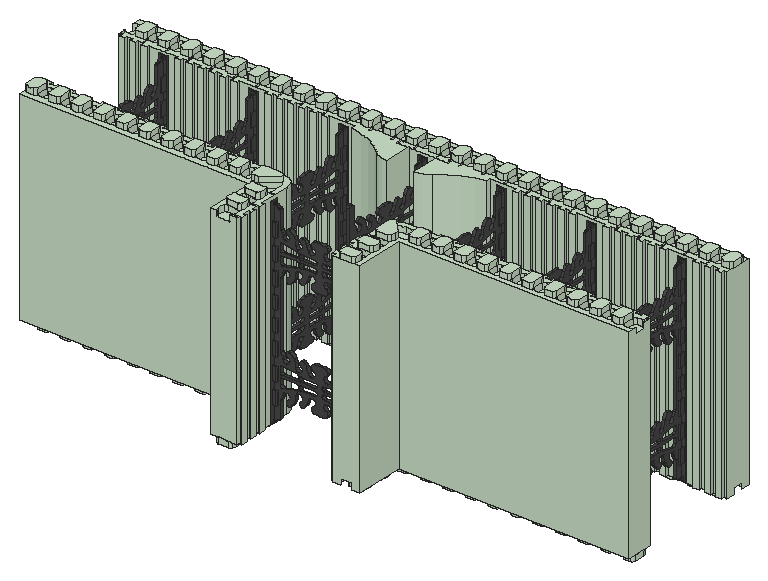
Revit family "ICF- NUDURA 8-inch- Short T Form Unit- Imperial", category Generic Models, Revit 2011 (continued)
Definition of nested family "NUDURA Diamond Pattern Missing Two Lines"
  Lines and regions (in)
    model lines
      curve 41: arc (3.44206, -5.625, 14.42678) -> (3.36884, -5.625, 14.25) -> (3.44206, -5.625, 14.07322) r 0.25
      curve 42: line (3.44206, -5.625, 14.07322) -> (3.81706, -5.625, 13.69822)
      curve 43: arc (3.81706, -5.625, 13.69822) -> (3.99384, -5.625, 13.625) -> (4.17062, -5.625, 13.69822) r 0.25
      curve 44: line (4.17062, -5.625, 13.69822) -> (4.54562, -5.625, 14.07322)
      curve 45: arc (4.54562, -5.625, 14.07322) -> (4.61884, -5.625, 14.25) -> (4.54562, -5.625, 14.42678) r 0.25
      curve 46: line (4.54562, -5.625, 14.42678) -> (4.17062, -5.625, 14.80178)
      curve 47: arc (3.69709, -5.625, 13.35858) -> (3.75567, -5.625, 13.5) -> (3.69709, -5.625, 13.64142) r 0.2
      curve 48: line (4.634, -5.625, 13.01517) -> (4.29059, -5.625, 13.35858)
      curve 49: arc (4.634, -5.625, 12.48484) -> (4.74384, -5.625, 12.75) -> (4.634, -5.625, 13.01517) r 0.375
      curve 50: line (4.29059, -5.625, 12.14142) -> (4.634, -5.625, 12.48484)
      curve 51: line (3.35367, -5.625, 12.48484) -> (3.69709, -5.625, 12.14142)
      curve 52: arc (3.35367, -5.625, 13.01517) -> (3.24384, -5.625, 12.75) -> (3.35367, -5.625, 12.48484) r 0.375
      curve 53: line (3.69709, -5.625, 13.35858) -> (3.35367, -5.625, 13.01517)
      curve 54: arc (4.17062, -5.625, 13.30178) -> (3.99384, -5.625, 13.375) -> (3.81706, -5.625, 13.30178) r 0.25
      curve 55: line (3.81706, -5.625, 13.30178) -> (3.44206, -5.625, 12.92678)
      curve 56: arc (3.44206, -5.625, 12.92678) -> (3.36884, -5.625, 12.75) -> (3.44206, -5.625, 12.57322) r 0.25
      curve 57: line (3.44206, -5.625, 12.57322) -> (3.81706, -5.625, 12.19822)
      curve 58: arc (3.81706, -5.625, 12.19822) -> (3.99384, -5.625, 12.125) -> (4.17062, -5.625, 12.19822) r 0.25
      curve 59: line (4.17062, -5.625, 12.19822) -> (4.54562, -5.625, 12.57322)
      curve 60: arc (4.54562, -5.625, 12.57322) -> (4.61884, -5.625, 12.75) -> (4.54562, -5.625, 12.92678) r 0.25
      curve 61: line (4.54562, -5.625, 12.92678) -> (4.17062, -5.625, 13.30178)
      curve 62: arc (3.69709, -5.625, 11.85858) -> (3.75567, -5.625, 12) -> (3.69709, -5.625, 12.14142) r 0.2
      curve 63: line (4.634, -5.625, 11.51517) -> (4.29059, -5.625, 11.85858)
      curve 64: arc (4.634, -5.625, 10.98484) -> (4.74384, -5.625, 11.25) -> (4.634, -5.625, 11.51517) r 0.375
      curve 65: line (4.29059, -5.625, 10.64142) -> (4.634, -5.625, 10.98484)
      curve 66: line (3.35367, -5.625, 10.98484) -> (3.69709, -5.625, 10.64142)
      curve 67: arc (3.35367, -5.625, 11.51517) -> (3.24384, -5.625, 11.25) -> (3.35367, -5.625, 10.98484) r 0.375
      curve 68: line (3.69709, -5.625, 11.85858) -> (3.35367, -5.625, 11.51517)
      curve 69: arc (4.17062, -5.625, 11.80178) -> (3.99384, -5.625, 11.875) -> (3.81706, -5.625, 11.80178) r 0.25
      curve 70: line (3.81706, -5.625, 11.80178) -> (3.44206, -5.625, 11.42678)
      curve 71: arc (3.44206, -5.625, 11.42678) -> (3.36884, -5.625, 11.25) -> (3.44206, -5.625, 11.07322) r 0.25
      curve 72: line (3.44206, -5.625, 11.07322) -> (3.81706, -5.625, 10.69822)
      curve 73: arc (3.81706, -5.625, 10.69822) -> (3.99384, -5.625, 10.625) -> (4.17062, -5.625, 10.69822) r 0.25
      curve 74: line (4.17062, -5.625, 10.69822) -> (4.54562, -5.625, 11.07322)
      curve 75: arc (4.54562, -5.625, 11.07322) -> (4.61884, -5.625, 11.25) -> (4.54562, -5.625, 11.42678) r 0.25
      curve 76: line (4.54562, -5.625, 11.42678) -> (4.17062, -5.625, 11.80178)
      curve 77: arc (3.69709, -5.625, 10.35858) -> (3.75567, -5.625, 10.5) -> (3.69709, -5.625, 10.64142) r 0.2
      curve 78: line (4.634, -5.625, 10.01517) -> (4.29059, -5.625, 10.35858)
      curve 79: arc (4.634, -5.625, 9.48484) -> (4.74384, -5.625, 9.75) -> (4.634, -5.625, 10.01517) r 0.375
      curve 80: line (4.29059, -5.625, 9.14142) -> (4.634, -5.625, 9.48484)
      curve 81: line (3.35367, -5.625, 9.48484) -> (3.69709, -5.625, 9.14142)
      curve 82: arc (3.35367, -5.625, 10.01517) -> (3.24384, -5.625, 9.75) -> (3.35367, -5.625, 9.48484) r 0.375
      curve 83: line (3.69709, -5.625, 10.35858) -> (3.35367, -5.625, 10.01517)
      curve 84: arc (4.17062, -5.625, 10.30178) -> (3.99384, -5.625, 10.375) -> (3.81706, -5.625, 10.30178) r 0.25
      curve 85: line (3.81706, -5.625, 10.30178) -> (3.44206, -5.625, 9.92678)
      curve 86: arc (3.44206, -5.625, 9.92678) -> (3.36884, -5.625, 9.75) -> (3.44206, -5.625, 9.57322) r 0.25
      curve 87: line (3.44206, -5.625, 9.57322) -> (3.81706, -5.625, 9.19822)
      curve 88: arc (3.81706, -5.625, 9.19822) -> (3.99384, -5.625, 9.125) -> (4.17062, -5.625, 9.19822) r 0.25
      curve 89: line (4.17062, -5.625, 9.19822) -> (4.54562, -5.625, 9.57322)
      curve 90: arc (4.54562, -5.625, 9.57322) -> (4.61884, -5.625, 9.75) -> (4.54562, -5.625, 9.92678) r 0.25
      curve 91: line (4.54562, -5.625, 9.92678) -> (4.17062, -5.625, 10.30178)
      curve 92: arc (3.69709, -5.625, 8.85858) -> (3.75567, -5.625, 9) -> (3.69709, -5.625, 9.14142) r 0.2
      curve 93: line (4.634, -5.625, 8.51517) -> (4.29059, -5.625, 8.85858)
      curve 94: arc (4.634, -5.625, 7.98484) -> (4.74384, -5.625, 8.25) -> (4.634, -5.625, 8.51517) r 0.375
      curve 95: line (4.29059, -5.625, 7.64142) -> (4.634, -5.625, 7.98484)
      curve 96: line (3.35367, -5.625, 7.98484) -> (3.69709, -5.625, 7.64142)
      curve 97: arc (3.35367, -5.625, 8.51517) -> (3.24384, -5.625, 8.25) -> (3.35367, -5.625, 7.98484) r 0.375
      curve 98: line (3.69709, -5.625, 8.85858) -> (3.35367, -5.625, 8.51517)
      curve 99: arc (4.17062, -5.625, 8.80178) -> (3.99384, -5.625, 8.875) -> (3.81706, -5.625, 8.80178) r 0.25
      curve 100: line (3.81706, -5.625, 8.80178) -> (3.44206, -5.625, 8.42678)
      curve 101: arc (3.44206, -5.625, 8.42678) -> (3.36884, -5.625, 8.25) -> (3.44206, -5.625, 8.07322) r 0.25
      curve 102: line (3.44206, -5.625, 8.07322) -> (3.81706, -5.625, 7.69822)
      curve 103: arc (3.81706, -5.625, 7.69822) -> (3.99384, -5.625, 7.625) -> (4.17062, -5.625, 7.69822) r 0.25
      curve 104: line (4.17062, -5.625, 7.69822) -> (4.54562, -5.625, 8.07322)
      curve 105: arc (4.54562, -5.625, 8.07322) -> (4.61884, -5.625, 8.25) -> (4.54562, -5.625, 8.42678) r 0.25
      curve 106: line (4.54562, -5.625, 8.42678) -> (4.17062, -5.625, 8.80178)
      curve 107: arc (3.69709, -5.625, 7.35858) -> (3.75567, -5.625, 7.5) -> (3.69709, -5.625, 7.64142) r 0.2
      curve 108: line (4.634, -5.625, 7.01517) -> (4.29059, -5.625, 7.35858)
      curve 109: arc (4.634, -5.625, 6.48484) -> (4.74384, -5.625, 6.75) -> (4.634, -5.625, 7.01517) r 0.375
      curve 110: line (4.29059, -5.625, 6.14142) -> (4.634, -5.625, 6.48484)
      curve 111: line (3.35367, -5.625, 6.48484) -> (3.69709, -5.625, 6.14142)
      curve 112: arc (3.35367, -5.625, 7.01517) -> (3.24384, -5.625, 6.75) -> (3.35367, -5.625, 6.48484) r 0.375
      curve 113: line (3.69709, -5.625, 7.35858) -> (3.35367, -5.625, 7.01517)
      curve 114: arc (4.17062, -5.625, 7.30178) -> (3.99384, -5.625, 7.375) -> (3.81706, -5.625, 7.30178) r 0.25
      curve 115: line (3.81706, -5.625, 7.30178) -> (3.44206, -5.625, 6.92678)
      curve 116: arc (3.44206, -5.625, 6.92678) -> (3.36884, -5.625, 6.75) -> (3.44206, -5.625, 6.57322) r 0.25
      curve 117: line (3.44206, -5.625, 6.57322) -> (3.81706, -5.625, 6.19822)
      curve 118: arc (3.81706, -5.625, 6.19822) -> (3.99384, -5.625, 6.125) -> (4.17062, -5.625, 6.19822) r 0.25
      curve 119: line (4.17062, -5.625, 6.19822) -> (4.54562, -5.625, 6.57322)
      curve 120: arc (4.54562, -5.625, 6.57322) -> (4.61884, -5.625, 6.75) -> (4.54562, -5.625, 6.92678) r 0.25
      curve 121: line (4.54562, -5.625, 6.92678) -> (4.17062, -5.625, 7.30178)
      curve 122: arc (3.69709, -5.625, 5.85858) -> (3.75567, -5.625, 6) -> (3.69709, -5.625, 6.14142) r 0.2
      curve 123: line (4.634, -5.625, 5.51517) -> (4.29059, -5.625, 5.85858)
      curve 124: arc (4.634, -5.625, 4.98484) -> (4.74384, -5.625, 5.25) -> (4.634, -5.625, 5.51517) r 0.375
      curve 125: line (4.29059, -5.625, 4.64142) -> (4.634, -5.625, 4.98484)
      curve 126: line (3.35367, -5.625, 4.98484) -> (3.69709, -5.625, 4.64142)
      curve 127: arc (3.35367, -5.625, 5.51517) -> (3.24384, -5.625, 5.25) -> (3.35367, -5.625, 4.98484) r 0.375
      curve 128: line (3.69709, -5.625, 5.85858) -> (3.35367, -5.625, 5.51517)
      curve 129: arc (4.17062, -5.625, 5.80178) -> (3.99384, -5.625, 5.875) -> (3.81706, -5.625, 5.80178) r 0.25
      curve 130: line (3.81706, -5.625, 5.80178) -> (3.44206, -5.625, 5.42678)
      curve 131: arc (3.44206, -5.625, 5.42678) -> (3.36884, -5.625, 5.25) -> (3.44206, -5.625, 5.07322) r 0.25
      curve 132: line (3.44206, -5.625, 5.07322) -> (3.81706, -5.625, 4.69822)
      curve 133: arc (3.81706, -5.625, 4.69822) -> (3.99384, -5.625, 4.625) -> (4.17062, -5.625, 4.69822) r 0.25
      curve 134: line (4.17062, -5.625, 4.69822) -> (4.54562, -5.625, 5.07322)
      curve 135: arc (4.54562, -5.625, 5.07322) -> (4.61884, -5.625, 5.25) -> (4.54562, -5.625, 5.42678) r 0.25
      curve 136: line (4.54562, -5.625, 5.42678) -> (4.17062, -5.625, 5.80178)
      curve 137: arc (3.69709, -5.625, 4.35858) -> (3.75567, -5.625, 4.5) -> (3.69709, -5.625, 4.64142) r 0.2
      curve 138: line (4.634, -5.625, 4.01517) -> (4.29059, -5.625, 4.35858)
      curve 139: arc (4.634, -5.625, 3.48484) -> (4.74384, -5.625, 3.75) -> (4.634, -5.625, 4.01517) r 0.375
      curve 140: line (4.29059, -5.625, 3.14142) -> (4.634, -5.625, 3.48484)
      curve 141: line (3.35367, -5.625, 3.48484) -> (3.69709, -5.625, 3.14142)
      curve 142: arc (3.35367, -5.625, 4.01517) -> (3.24384, -5.625, 3.75) -> (3.35367, -5.625, 3.48484) r 0.375
      curve 143: line (3.69709, -5.625, 4.35858) -> (3.35367, -5.625, 4.01517)
      curve 144: arc (4.17062, -5.625, 4.30178) -> (3.99384, -5.625, 4.375) -> (3.81706, -5.625, 4.30178) r 0.25
      curve 145: line (3.81706, -5.625, 4.30178) -> (3.44206, -5.625, 3.92678)
      curve 146: arc (3.44206, -5.625, 3.92678) -> (3.36884, -5.625, 3.75) -> (3.44206, -5.625, 3.57322) r 0.25
      curve 147: line (3.44206, -5.625, 3.57322) -> (3.81706, -5.625, 3.19822)
      curve 148: arc (3.81706, -5.625, 3.19822) -> (3.99384, -5.625, 3.125) -> (4.17062, -5.625, 3.19822) r 0.25
      curve 149: line (4.17062, -5.625, 3.19822) -> (4.54562, -5.625, 3.57322)
      curve 150: arc (4.54562, -5.625, 3.57322) -> (4.61884, -5.625, 3.75) -> (4.54562, -5.625, 3.92678) r 0.25
      curve 151: line (4.54562, -5.625, 3.92678) -> (4.17062, -5.625, 4.30178)
      curve 152: arc (3.69709, -5.625, 2.85858) -> (3.75567, -5.625, 3) -> (3.69709, -5.625, 3.14142) r 0.2
      curve 153: line (4.634, -5.625, 2.51517) -> (4.29059, -5.625, 2.85858)
      curve 154: arc (4.634, -5.625, 1.98484) -> (4.74384, -5.625, 2.25) -> (4.634, -5.625, 2.51517) r 0.375
      curve 155: line (4.29059, -5.625, 1.64142) -> (4.634, -5.625, 1.98484)
      curve 156: line (3.35367, -5.625, 1.98484) -> (3.69709, -5.625, 1.64142)
      curve 157: arc (3.35367, -5.625, 2.51517) -> (3.24384, -5.625, 2.25) -> (3.35367, -5.625, 1.98484) r 0.375
      curve 158: line (3.69709, -5.625, 2.85858) -> (3.35367, -5.625, 2.51517)
      curve 159: arc (4.17062, -5.625, 2.80178) -> (3.99384, -5.625, 2.875) -> (3.81706, -5.625, 2.80178) r 0.25
      curve 160: line (3.81706, -5.625, 2.80178) -> (3.44206, -5.625, 2.42678)
      curve 161: arc (3.44206, -5.625, 2.42678) -> (3.36884, -5.625, 2.25) -> (3.44206, -5.625, 2.07322) r 0.25
      curve 162: line (3.44206, -5.625, 2.07322) -> (3.81706, -5.625, 1.69822)
      curve 163: arc (3.81706, -5.625, 1.69822) -> (3.99384, -5.625, 1.625) -> (4.17062, -5.625, 1.69822) r 0.25
      curve 164: line (4.17062, -5.625, 1.69822) -> (4.54562, -5.625, 2.07322)
      curve 165: arc (4.54562, -5.625, 2.07322) -> (4.61884, -5.625, 2.25) -> (4.54562, -5.625, 2.42678) r 0.25
      curve 166: line (4.54562, -5.625, 2.42678) -> (4.17062, -5.625, 2.80178)
      curve 167: arc (3.69709, -5.625, 1.35858) -> (3.75567, -5.625, 1.5) -> (3.69709, -5.625, 1.64142) r 0.2
      curve 168: line (3.69709, -5.625, 1.35858) -> (3.35367, -5.625, 1.01517)
      curve 169: arc (3.35367, -5.625, 1.01517) -> (3.24384, -5.625, 0.75) -> (3.35367, -5.625, 0.48484) r 0.375
      curve 170: line (3.35367, -5.625, 0.48484) -> (3.72867, -5.625, 0.10984)
      curve 171: arc (3.72867, -5.625, 0.10984) -> (3.99384, -5.625, 0) -> (4.259, -5.625, 0.10984) r 0.375
      curve 172: line (4.259, -5.625, 0.10984) -> (4.634, -5.625, 0.48484)
      curve 173: arc (4.634, -5.625, 0.48484) -> (4.74384, -5.625, 0.75) -> (4.634, -5.625, 1.01517) r 0.375
      curve 174: line (4.634, -5.625, 1.01517) -> (4.29059, -5.625, 1.35858)
      curve 175: arc (4.29059, -5.625, 1.64142) -> (4.23201, -5.625, 1.5) -> (4.29059, -5.625, 1.35858) r 0.2
      curve 176: arc (4.17062, -5.625, 1.30178) -> (3.99384, -5.625, 1.375) -> (3.81706, -5.625, 1.30178) r 0.25
      curve 177: line (4.54562, -5.625, 0.92678) -> (4.17062, -5.625, 1.30178)
      curve 178: arc (4.54562, -5.625, 0.57322) -> (4.61884, -5.625, 0.75) -> (4.54562, -5.625, 0.92678) r 0.25
      curve 179: line (4.17062, -5.625, 0.19822) -> (4.54562, -5.625, 0.57322)
      curve 180: arc (3.81706, -5.625, 0.19822) -> (3.99384, -5.625, 0.125) -> (4.17062, -5.625, 0.19822) r 0.25
      curve 181: line (3.44206, -5.625, 0.57322) -> (3.81706, -5.625, 0.19822)
      curve 182: arc (3.44206, -5.625, 0.92678) -> (3.36884, -5.625, 0.75) -> (3.44206, -5.625, 0.57322) r 0.25
      curve 183: line (3.81706, -5.625, 1.30178) -> (3.44206, -5.625, 0.92678)
      curve 184: arc (4.29059, -5.625, 3.14142) -> (4.23201, -5.625, 3) -> (4.29059, -5.625, 2.85858) r 0.2
      curve 185: arc (4.29059, -5.625, 4.64142) -> (4.23201, -5.625, 4.5) -> (4.29059, -5.625, 4.35858) r 0.2
      curve 186: arc (4.29059, -5.625, 6.14142) -> (4.23201, -5.625, 6) -> (4.29059, -5.625, 5.85858) r 0.2
      curve 187: arc (4.29059, -5.625, 7.64142) -> (4.23201, -5.625, 7.5) -> (4.29059, -5.625, 7.35858) r 0.2
      curve 188: arc (4.29059, -5.625, 9.14142) -> (4.23201, -5.625, 9) -> (4.29059, -5.625, 8.85858) r 0.2
      curve 189: arc (4.29059, -5.625, 10.64142) -> (4.23201, -5.625, 10.5) -> (4.29059, -5.625, 10.35858) r 0.2
      curve 190: arc (4.29059, -5.625, 12.14142) -> (4.23201, -5.625, 12) -> (4.29059, -5.625, 11.85858) r 0.2
      curve 191: arc (4.29059, -5.625, 13.64142) -> (4.23201, -5.625, 13.5) -> (4.29059, -5.625, 13.35858) r 0.2
      curve 192: arc (4.29059, -5.625, 15.14142) -> (4.23201, -5.625, 15) -> (4.29059, -5.625, 14.85858) r 0.2
      curve 193: arc (4.29059, -5.625, 16.64142) -> (4.23201, -5.625, 16.5) -> (4.29059, -5.625, 16.35858) r 0.2
Definition of nested family "NUDURA Logo Diamond"
  Reference planes (in)
    plane 1 "Center (Front/Back)": y = 0
    plane 2: z = 0
    plane 3 "Center (Left/Right)": x = 0
  Lines and regions (in)
    model lines
      curve 1: line (12.59848, 0, 17.50104) -> (12.24492, 0, 17.85459)
      curve 2: line (12.36113, 0, 16.76872) -> (12.59848, 0, 17.00607)
      curve 3: line (12.59848, 0, 16.00104) -> (12.36113, 0, 16.23839)
      curve 4: line (12.36113, 0, 15.26872) -> (12.59848, 0, 15.50607)
      curve 5: line (12.59848, 0, 14.50104) -> (12.36113, 0, 14.73839)
      curve 6: line (12.36113, 0, 13.76872) -> (12.59848, 0, 14.00607)
      curve 7: line (12.17421, 0, 13.28388) -> (12.71208, 0, 12.74602)
      curve 8: line (12.71208, 0, 12.74602) -> (12.78279, 0, 12.81673)
      curve 9: line (11.28279, 0, 12.74602) -> (11.82066, 0, 13.28388)
      curve 10: line (11.63374, 0, 13.23839) -> (11.21208, 0, 12.81673)
      curve 11: line (11.3964, 0, 14.00607) -> (11.63374, 0, 13.76872)
      curve 12: line (11.63374, 0, 14.73839) -> (11.3964, 0, 14.50104)
      curve 13: line (11.3964, 0, 15.50607) -> (11.63374, 0, 15.26872)
      curve 14: line (11.63374, 0, 16.23839) -> (11.3964, 0, 16.00104)
      curve 15: line (11.3964, 0, 17.00607) -> (11.63374, 0, 16.76872)
      curve 16: line (11.74995, 0, 17.85459) -> (11.3964, 0, 17.50104)
      curve 17: line (11.82066, 0, 17.78388) -> (11.46711, 0, 17.43033)
      curve 18: line (12.52777, 0, 17.43033) -> (12.17421, 0, 17.78388)
      curve 19: line (12.17421, 0, 16.72322) -> (12.52777, 0, 17.07678)
      curve 20: line (11.46711, 0, 17.07678) -> (11.82066, 0, 16.72322)
      curve 21: arc (11.3964, 0, 17.50104) -> (11.29388, 0, 17.25355) -> (11.3964, 0, 17.00607) r 0.35
      curve 22: arc (11.74995, 0, 17.85459) -> (11.99744, 0, 17.95711) -> (12.24492, 0, 17.85459) r 0.35
      curve 23: arc (11.46711, 0, 17.43033) -> (11.39388, 0, 17.25355) -> (11.46711, 0, 17.07678) r 0.25
      curve 24: arc (12.52777, 0, 17.43033) -> (12.60099, 0, 17.25355) -> (12.52777, 0, 17.07678) r 0.25
      curve 25: arc (12.17421, 0, 16.72322) -> (11.99744, 0, 16.65) -> (11.82066, 0, 16.72322) r 0.25
      curve 26: arc (11.82066, 0, 17.78388) -> (11.99744, 0, 17.85711) -> (12.17421, 0, 17.78388) r 0.25
      curve 27: arc (12.59848, 0, 17.50104) -> (12.70099, 0, 17.25355) -> (12.59848, 0, 17.00607) r 0.35
      curve 28: arc (11.63374, 0, 16.76872) -> (11.74358, 0, 16.50355) -> (11.63374, 0, 16.23839) r 0.375
      curve 29: arc (12.36113, 0, 16.76872) -> (12.2513, 0, 16.50355) -> (12.36113, 0, 16.23839) r 0.375
      curve 30: line (12.36113, 0, 15.26872) -> (12.59848, 0, 15.50607)
      curve 31: line (11.3964, 0, 15.50607) -> (11.63374, 0, 15.26872)
      curve 32: line (11.82066, 0, 16.28388) -> (11.46711, 0, 15.93033)
      curve 33: line (12.52777, 0, 15.93033) -> (12.17421, 0, 16.28388)
      curve 34: line (12.17421, 0, 15.22322) -> (12.52777, 0, 15.57678)
      curve 35: line (11.46711, 0, 15.57678) -> (11.82066, 0, 15.22322)
      curve 36: arc (11.3964, 0, 16.00104) -> (11.29388, 0, 15.75355) -> (11.3964, 0, 15.50607) r 0.35
      curve 37: arc (11.46711, 0, 15.93033) -> (11.39388, 0, 15.75355) -> (11.46711, 0, 15.57678) r 0.25
      curve 38: arc (12.52777, 0, 15.93033) -> (12.60099, 0, 15.75355) -> (12.52777, 0, 15.57678) r 0.25
      curve 39: arc (12.17421, 0, 15.22322) -> (11.99744, 0, 15.15) -> (11.82066, 0, 15.22322) r 0.25
      curve 40: arc (11.82066, 0, 16.28388) -> (11.99744, 0, 16.35711) -> (12.17421, 0, 16.28388) r 0.25
      curve 41: arc (12.59848, 0, 16.00104) -> (12.70099, 0, 15.75355) -> (12.59848, 0, 15.50607) r 0.35
      curve 42: line (11.63374, 0, 16.23839) -> (11.3964, 0, 16.00104)
      curve 43: line (12.59848, 0, 16.00104) -> (12.36113, 0, 16.23839)
      curve 44: arc (11.63374, 0, 15.26872) -> (11.74358, 0, 15.00355) -> (11.63374, 0, 14.73839) r 0.375
      curve 45: arc (12.36113, 0, 15.26872) -> (12.2513, 0, 15.00355) -> (12.36113, 0, 14.73839) r 0.375
      curve 46: line (12.36113, 0, 13.76872) -> (12.59848, 0, 14.00607)
      curve 47: line (11.3964, 0, 14.00607) -> (11.63374, 0, 13.76872)
      curve 48: line (11.82066, 0, 14.78388) -> (11.46711, 0, 14.43033)
      curve 49: line (12.52777, 0, 14.43033) -> (12.17421, 0, 14.78388)
      curve 50: line (12.17421, 0, 13.72322) -> (12.52777, 0, 14.07678)
      curve 51: line (11.46711, 0, 14.07678) -> (11.82066, 0, 13.72322)
      curve 52: arc (11.3964, 0, 14.50104) -> (11.29388, 0, 14.25355) -> (11.3964, 0, 14.00607) r 0.35
      curve 53: arc (11.46711, 0, 14.43033) -> (11.39388, 0, 14.25355) -> (11.46711, 0, 14.07678) r 0.25
      curve 54: arc (12.52777, 0, 14.43033) -> (12.60099, 0, 14.25355) -> (12.52777, 0, 14.07678) r 0.25
      curve 55: arc (12.17421, 0, 13.72322) -> (11.99744, 0, 13.65) -> (11.82066, 0, 13.72322) r 0.25
      curve 56: arc (11.82066, 0, 14.78388) -> (11.99744, 0, 14.85711) -> (12.17421, 0, 14.78388) r 0.25
      curve 57: arc (12.59848, 0, 14.50104) -> (12.70099, 0, 14.25355) -> (12.59848, 0, 14.00607) r 0.35
      curve 58: line (11.63374, 0, 14.73839) -> (11.3964, 0, 14.50104)
      curve 59: arc (11.63374, 0, 13.76872) -> (11.74358, 0, 13.50355) -> (11.63374, 0, 13.23839) r 0.375
      curve 60: arc (12.36113, 0, 13.76872) -> (12.2513, 0, 13.50355) -> (12.36113, 0, 13.23839) r 0.375
      curve 61: line (12.78279, 0, 12.81673) -> (12.36113, 0, 13.23839)
      curve 62: line (11.21208, 0, 12.81673) -> (11.28279, 0, 12.74602)
      curve 63: arc (11.82066, 0, 13.28388) -> (11.99744, 0, 13.35711) -> (12.17421, 0, 13.28388) r 0.25
      curve 64: line (12.59848, 0, 0.50607) -> (12.24492, 0, 0.15251)
      curve 65: line (12.36113, 0, 1.23839) -> (12.59848, 0, 1.00104)
      curve 66: line (12.59848, 0, 2.00607) -> (12.36113, 0, 1.76872)
      curve 67: line (12.36113, 0, 2.73839) -> (12.59848, 0, 2.50104)
      curve 68: line (12.59848, 0, 3.50607) -> (12.36113, 0, 3.26872)
      curve 69: line (12.36113, 0, 4.23839) -> (12.59848, 0, 4.00104)
      curve 70: line (12.17421, 0, 4.72322) -> (12.71208, 0, 5.26109)
      curve 71: line (12.71208, 0, 5.26109) -> (12.78279, 0, 5.19038)
      curve 72: line (11.28279, 0, 5.26109) -> (11.82066, 0, 4.72322)
      curve 73: line (11.63374, 0, 4.76872) -> (11.21208, 0, 5.19038)
      curve 74: line (11.3964, 0, 4.00104) -> (11.63374, 0, 4.23839)
      curve 75: line (11.63374, 0, 3.26872) -> (11.3964, 0, 3.50607)
      curve 76: line (11.3964, 0, 2.50104) -> (11.63374, 0, 2.73839)
      curve 77: line (11.63374, 0, 1.76872) -> (11.3964, 0, 2.00607)
      curve 78: line (11.3964, 0, 1.00104) -> (11.63374, 0, 1.23839)
      curve 79: line (11.74995, 0, 0.15251) -> (11.3964, 0, 0.50607)
      curve 80: line (11.82066, 0, 0.22322) -> (11.46711, 0, 0.57678)
      curve 81: line (12.52777, 0, 0.57678) -> (12.17421, 0, 0.22322)
      curve 82: line (12.17421, 0, 1.28388) -> (12.52777, 0, 0.93033)
      curve 83: line (11.46711, 0, 0.93033) -> (11.82066, 0, 1.28388)
      curve 84: arc (11.3964, 0, 0.50607) -> (11.29388, 0, 0.75355) -> (11.3964, 0, 1.00104) r 0.35
      curve 85: arc (11.74995, 0, 0.15251) -> (11.99744, 0, 0.05) -> (12.24492, 0, 0.15251) r 0.35
      curve 86: arc (11.46711, 0, 0.57678) -> (11.39388, 0, 0.75355) -> (11.46711, 0, 0.93033) r 0.25
      curve 87: arc (12.52777, 0, 0.57678) -> (12.60099, 0, 0.75355) -> (12.52777, 0, 0.93033) r 0.25
      curve 88: arc (12.17421, 0, 1.28388) -> (11.99744, 0, 1.35711) -> (11.82066, 0, 1.28388) r 0.25
      curve 89: arc (11.82066, 0, 0.22322) -> (11.99744, 0, 0.15) -> (12.17421, 0, 0.22322) r 0.25
      curve 90: arc (12.59848, 0, 0.50607) -> (12.70099, 0, 0.75355) -> (12.59848, 0, 1.00104) r 0.35
      curve 91: arc (11.63374, 0, 1.23839) -> (11.74358, 0, 1.50355) -> (11.63374, 0, 1.76872) r 0.375
      curve 92: arc (12.36113, 0, 1.23839) -> (12.2513, 0, 1.50355) -> (12.36113, 0, 1.76872) r 0.375
      curve 93: line (12.36113, 0, 2.73839) -> (12.59848, 0, 2.50104)
      curve 94: line (11.3964, 0, 2.50104) -> (11.63374, 0, 2.73839)
      curve 95: line (11.82066, 0, 1.72322) -> (11.46711, 0, 2.07678)
      curve 96: line (12.52777, 0, 2.07678) -> (12.17421, 0, 1.72322)
      curve 97: line (12.17421, 0, 2.78388) -> (12.52777, 0, 2.43033)
      curve 98: line (11.46711, 0, 2.43033) -> (11.82066, 0, 2.78388)
      curve 99: arc (11.3964, 0, 2.00607) -> (11.29388, 0, 2.25355) -> (11.3964, 0, 2.50104) r 0.35
      curve 100: arc (11.46711, 0, 2.07678) -> (11.39388, 0, 2.25355) -> (11.46711, 0, 2.43033) r 0.25
      curve 101: arc (12.52777, 0, 2.07678) -> (12.60099, 0, 2.25355) -> (12.52777, 0, 2.43033) r 0.25
      curve 102: arc (12.17421, 0, 2.78388) -> (11.99744, 0, 2.85711) -> (11.82066, 0, 2.78388) r 0.25
      curve 103: arc (11.82066, 0, 1.72322) -> (11.99744, 0, 1.65) -> (12.17421, 0, 1.72322) r 0.25
      curve 104: arc (12.59848, 0, 2.00607) -> (12.70099, 0, 2.25355) -> (12.59848, 0, 2.50104) r 0.35
      curve 105: line (11.63374, 0, 1.76872) -> (11.3964, 0, 2.00607)
      curve 106: line (12.59848, 0, 2.00607) -> (12.36113, 0, 1.76872)
      curve 107: arc (11.63374, 0, 2.73839) -> (11.74358, 0, 3.00355) -> (11.63374, 0, 3.26872) r 0.375
      curve 108: arc (12.36113, 0, 2.73839) -> (12.2513, 0, 3.00355) -> (12.36113, 0, 3.26872) r 0.375
      curve 109: line (12.36113, 0, 4.23839) -> (12.59848, 0, 4.00104)
      curve 110: line (11.3964, 0, 4.00104) -> (11.63374, 0, 4.23839)
      curve 111: line (11.82066, 0, 3.22322) -> (11.46711, 0, 3.57678)
      curve 112: line (12.52777, 0, 3.57678) -> (12.17421, 0, 3.22322)
      curve 113: line (12.17421, 0, 4.28388) -> (12.52777, 0, 3.93033)
      curve 114: line (11.46711, 0, 3.93033) -> (11.82066, 0, 4.28388)
      curve 115: arc (11.3964, 0, 3.50607) -> (11.29388, 0, 3.75355) -> (11.3964, 0, 4.00104) r 0.35
      curve 116: arc (11.46711, 0, 3.57678) -> (11.39388, 0, 3.75355) -> (11.46711, 0, 3.93033) r 0.25
      curve 117: arc (12.52777, 0, 3.57678) -> (12.60099, 0, 3.75355) -> (12.52777, 0, 3.93033) r 0.25
      curve 118: arc (12.17421, 0, 4.28388) -> (11.99744, 0, 4.35711) -> (11.82066, 0, 4.28388) r 0.25
      curve 119: arc (11.82066, 0, 3.22322) -> (11.99744, 0, 3.15) -> (12.17421, 0, 3.22322) r 0.25
      curve 120: arc (12.59848, 0, 3.50607) -> (12.70099, 0, 3.75355) -> (12.59848, 0, 4.00104) r 0.35
      curve 121: line (11.63374, 0, 3.26872) -> (11.3964, 0, 3.50607)
      curve 122: arc (11.63374, 0, 4.23839) -> (11.74358, 0, 4.50355) -> (11.63374, 0, 4.76872) r 0.375
      curve 123: arc (12.36113, 0, 4.23839) -> (12.2513, 0, 4.50355) -> (12.36113, 0, 4.76872) r 0.375
      curve 124: line (12.78279, 0, 5.19038) -> (12.36113, 0, 4.76872)
      curve 125: line (11.21208, 0, 5.19038) -> (11.28279, 0, 5.26109)
      curve 126: arc (11.82066, 0, 4.72322) -> (11.99744, 0, 4.65) -> (12.17421, 0, 4.72322) r 0.25
      curve 127: line (12.37244, 0, 12.50355) -> (11.62244, 0, 12.50355)
      curve 128: line (12.74744, 0, 5.87855) -> (12.74744, 0, 12.12855)
      curve 129: line (11.24744, 0, 12.12855) -> (11.24744, 0, 5.87855)
      curve 130: line (11.62244, 0, 5.50355) -> (12.37244, 0, 5.50355)
      curve 131: line (12.47232, 0, 12.00355) -> (12.0393, 0, 12.25355)
      curve 132: line (12.47232, 0, 11.50355) -> (12.47232, 0, 12.00355)
      curve 133: line (12.25581, 0, 11.37855) -> (12.47232, 0, 11.50355)
      curve 134: line (12.02256, 0, 11.51322) -> (12.25581, 0, 11.37855)
      curve 135: line (12.22232, 0, 11.62855) -> (12.02256, 0, 11.51322)
      curve 136: line (11.80605, 0, 12.11888) -> (12.22232, 0, 11.87855)
      curve 137: line (12.22232, 0, 11.87855) -> (12.22232, 0, 11.62855)
      curve 138: line (12.0393, 0, 12.25355) -> (11.80605, 0, 12.11888)
      curve 139: line (11.77256, 0, 11.63822) -> (11.97232, 0, 11.75355)
      curve 140: line (11.97232, 0, 11.75355) -> (11.73906, 0, 11.88822)
      curve 141: line (11.73906, 0, 11.88822) -> (11.52256, 0, 11.76322)
      curve 142: line (11.52256, 0, 11.76322) -> (11.52256, 0, 11.26322)
      curve 143: line (11.77256, 0, 11.38822) -> (11.77256, 0, 11.63822)
      curve 144: line (12.18882, 0, 11.14789) -> (11.77256, 0, 11.38822)
      curve 145: line (11.95557, 0, 11.01322) -> (12.18882, 0, 11.14789)
      curve 146: line (11.52256, 0, 11.26322) -> (11.95557, 0, 11.01322)
      curve 147: line (12.31108, 0, 10.60411) -> (11.68379, 0, 10.74458)
      curve 148: line (11.68379, 0, 10.74458) -> (11.68379, 0, 10.51321)
      curve 149: line (11.68379, 0, 10.51321) -> (12.1295, 0, 10.41405)
      curve 150: line (12.1295, 0, 10.41405) -> (11.68379, 0, 10.27358)
      curve 151: line (11.68379, 0, 10.27358) -> (11.68379, 0, 9.8852)
      curve 152: line (11.68379, 0, 9.8852) -> (12.17077, 0, 9.77615)
      curve 153: line (12.17077, 0, 9.77615) -> (12.17077, 0, 9.74472)
      curve 154: line (12.17077, 0, 9.74472) -> (11.86146, 0, 9.80279)
      curve 155: line (11.68379, 0, 9.65536) -> (11.68379, 0, 9.35864)
      curve 156: line (12.07077, 0, 8.74385) -> (12.07077, 0, 8.99996)
      curve 157: line (12.07077, 0, 8.99996) -> (11.68379, 0, 9.08605)
      curve 158: line (11.68379, 0, 9.08605) -> (11.68379, 0, 8.47809)
      curve 159: line (11.91823, 0, 9.06589) -> (12.31108, 0, 8.97792)
      curve 160: line (11.82444, 0, 8.55476) -> (11.82444, 0, 8.79865)
      curve 161: line (11.82444, 0, 8.79865) -> (12.07077, 0, 8.74385)
      curve 162: line (11.68379, 0, 8.07193) -> (11.68379, 0, 7.77522)
      curve 163: line (11.91823, 0, 7.48247) -> (12.21108, 0, 7.41688)
      curve 164: line (12.21108, 0, 7.41688) -> (12.21108, 0, 6.95405)
      curve 165: line (12.16108, 0, 6.90405) -> (12.12077, 0, 6.90405)
      curve 166: line (12.07077, 0, 6.95405) -> (12.07077, 0, 7.08675)
      curve 167: line (12.07077, 0, 7.08675) -> (12.12077, 0, 7.07556)
      curve 168: line (12.12077, 0, 7.07556) -> (12.12077, 0, 7.33463)
      curve 169: line (12.12077, 0, 7.33463) -> (11.68379, 0, 7.43249)
      curve 170: line (11.68379, 0, 7.43249) -> (11.68379, 0, 7.17341)
      curve 171: line (11.68379, 0, 7.17341) -> (11.97077, 0, 7.10915)
      curve 172: line (11.97077, 0, 7.10915) -> (11.97077, 0, 6.99425)
      curve 173: line (11.92077, 0, 6.94425) -> (11.68379, 0, 6.94425)
      curve 174: line (11.68379, 0, 6.94425) -> (11.68379, 0, 6.45682)
      curve 175: line (11.68379, 0, 6.45682) -> (11.78284, 0, 6.38658)
      curve 176: line (11.78284, 0, 6.38658) -> (11.78284, 0, 6.05178)
      curve 177: line (12.12371, 0, 6.14486) -> (11.88284, 0, 6.31567)
      curve 178: line (11.88284, 0, 6.31567) -> (11.88284, 0, 6.07909)
      curve 179: line (11.88284, 0, 6.07909) -> (12.12371, 0, 6.14486)
      curve 180: line (11.78284, 0, 6.05178) -> (11.68379, 0, 6.02474)
      curve 181: line (11.68379, 0, 6.02474) -> (11.68379, 0, 5.75355)
      curve 182: line (11.68379, 0, 5.75355) -> (12.31108, 0, 5.92483)
      curve 183: line (12.31108, 0, 5.92483) -> (12.31108, 0, 6.28791)
      curve 184: line (12.31108, 0, 6.28791) -> (11.76249, 0, 6.67694)
      curve 185: line (11.76249, 0, 6.67694) -> (11.90321, 0, 6.67694)
      curve 186: line (12.31108, 0, 6.78674) -> (12.31108, 0, 7.63562)
      curve 187: line (12.31108, 0, 7.63562) -> (11.90258, 0, 7.7271)
      curve 188: line (11.82444, 0, 7.82469) -> (11.82444, 0, 7.92839)
      curve 189: line (11.88536, 0, 7.97718) -> (12.31108, 0, 7.88185)
      curve 190: line (12.31108, 0, 7.88185) -> (12.31108, 0, 8.13496)
      curve 191: line (12.31108, 0, 8.13496) -> (12.08042, 0, 8.17826)
      curve 192: line (12.31108, 0, 8.38353) -> (12.31108, 0, 8.9465)
      curve 193: line (12.31108, 0, 8.9465) -> (12.17077, 0, 8.97771)
      curve 194: line (12.17077, 0, 8.97771) -> (12.17077, 0, 8.55476)
      curve 195: line (12.31108, 0, 8.97792) -> (12.31108, 0, 9.21905)
      curve 196: line (12.31108, 0, 9.21905) -> (11.90258, 0, 9.31053)
      curve 197: line (11.82444, 0, 9.40811) -> (11.82444, 0, 9.51182)
      curve 198: line (11.87938, 0, 9.56195) -> (12.31108, 0, 9.46528)
      curve 199: line (12.31108, 0, 9.46528) -> (12.31108, 0, 9.98469)
      curve 200: line (12.31108, 0, 9.98469) -> (11.90664, 0, 10.07526)
      curve 201: line (11.90664, 0, 10.07526) -> (12.31108, 0, 10.20747)
      curve 202: line (12.31108, 0, 10.20747) -> (12.31108, 0, 10.60411)
      curve 203: arc (11.68379, 0, 9.65536) -> (11.73801, 0, 9.7708) -> (11.86146, 0, 9.80279) r 0.15
      curve 204: arc (11.68379, 0, 9.35864) -> (11.74962, 0, 9.17112) -> (11.91823, 0, 9.06589) r 0.3
      curve 205: arc (11.84417, 0, 8.22149) -> (11.72718, 0, 8.32679) -> (11.68379, 0, 8.47809) r 0.28547
      curve 206: arc (11.68379, 0, 8.07193) -> (11.73147, 0, 8.18158) -> (11.84417, 0, 8.22149) r 0.14992
      curve 207: arc (11.68379, 0, 7.77522) -> (11.74962, 0, 7.58769) -> (11.91823, 0, 7.48247) r 0.3
      curve 208: arc (11.82444, 0, 7.82469) -> (11.84638, 0, 7.76218) -> (11.90258, 0, 7.7271) r 0.1
      curve 209: arc (11.82444, 0, 7.92839) -> (11.84318, 0, 7.96742) -> (11.88536, 0, 7.97718) r 0.05
      curve 210: arc (12.12077, 0, 6.90405) -> (12.08541, 0, 6.91869) -> (12.07077, 0, 6.95405) r 0.05
      curve 211: arc (12.16108, 0, 6.90405) -> (12.19644, 0, 6.91869) -> (12.21108, 0, 6.95405) r 0.05
      curve 212: arc (11.97077, 0, 6.99425) -> (11.95612, 0, 6.95889) -> (11.92077, 0, 6.94425) r 0.05
      curve 213: arc (11.90321, 0, 6.67694) -> (11.96756, 0, 6.70069) -> (12.00104, 0, 6.76055) r 0.09904
      curve 214: arc (12.00104, 0, 6.76055) -> (12.1681, 0, 6.63117) -> (12.31108, 0, 6.78674) r 0.15613
      curve 215: arc (12.08042, 0, 8.17826) -> (12.24181, 0, 8.22914) -> (12.31108, 0, 8.38353) r 0.20667
      curve 216: arc (11.82444, 0, 8.55476) -> (11.9976, 0, 8.3816) -> (12.17077, 0, 8.55476) r 0.17317
      curve 217: arc (11.82444, 0, 9.40811) -> (11.84638, 0, 9.34561) -> (11.90258, 0, 9.31053) r 0.1
      curve 218: arc (11.82444, 0, 9.51182) -> (11.8459, 0, 9.55306) -> (11.892, 0, 9.55913) r 0.05034
      curve 219: arc (11.24744, 0, 12.12855) -> (11.35727, 0, 12.39372) -> (11.62244, 0, 12.50355) r 0.375
      curve 220: arc (12.37244, 0, 12.50355) -> (12.6376, 0, 12.39372) -> (12.74744, 0, 12.12855) r 0.375
      curve 221: arc (11.24744, 0, 5.87855) -> (11.35727, 0, 5.61339) -> (11.62244, 0, 5.50355) r 0.375
      curve 222: arc (12.37244, 0, 5.50355) -> (12.6376, 0, 5.61339) -> (12.74744, 0, 5.87855) r 0.375
      curve 223: line (9.99744, 0, 18) -> (9.99744, 0, 0)
      curve 224: line (13.99744, 0, 18) -> (13.99744, 0, 0)
      curve 225: line (15.99744, 0, 18) -> (15.99744, 0, 0)
Definition of nested family "NUDURA Diamond Pattern"
  Reference planes (in)
    plane 1 "Center (Front/Back)": y = 0
    plane 2: z = 0
    plane 3 "Center (Left/Right)": x = 0
    plane 4: z = 18
  Lines and regions (in)
    model lines
      curve 1: line (8, -5.625, 18) -> (8, -5.625, 0)
      curve 2: line (6, -5.625, 18) -> (6, -5.625, 0)
      curve 3: line (2, -5.625, 18) -> (2, -5.625, 0)
      curve 4: line (3.35367, -5.625, 16.98484) -> (3.69709, -5.625, 16.64142)
      curve 5: arc (3.35367, -5.625, 17.51517) -> (3.24384, -5.625, 17.25) -> (3.35367, -5.625, 16.98484) r 0.375
      curve 6: line (3.72867, -5.625, 17.89017) -> (3.35367, -5.625, 17.51517)
      curve 7: arc (4.259, -5.625, 17.89017) -> (3.99384, -5.625, 18) -> (3.72867, -5.625, 17.89017) r 0.375
      curve 8: line (4.634, -5.625, 17.51517) -> (4.259, -5.625, 17.89017)
      curve 9: arc (4.634, -5.625, 16.98484) -> (4.74384, -5.625, 17.25) -> (4.634, -5.625, 17.51517) r 0.375
      curve 10: line (4.29059, -5.625, 16.64142) -> (4.634, -5.625, 16.98484)
      curve 11: arc (4.17062, -5.625, 17.80178) -> (3.99384, -5.625, 17.875) -> (3.81706, -5.625, 17.80178) r 0.25
      curve 12: line (4.54562, -5.625, 17.42678) -> (4.17062, -5.625, 17.80178)
      curve 13: arc (4.54562, -5.625, 17.07322) -> (4.61884, -5.625, 17.25) -> (4.54562, -5.625, 17.42678) r 0.25
      curve 14: line (4.17062, -5.625, 16.69822) -> (4.54562, -5.625, 17.07322)
      curve 15: arc (3.81706, -5.625, 16.69822) -> (3.99384, -5.625, 16.625) -> (4.17062, -5.625, 16.69822) r 0.25
      curve 16: line (3.44206, -5.625, 17.07322) -> (3.81706, -5.625, 16.69822)
      curve 17: arc (3.44206, -5.625, 17.42678) -> (3.36884, -5.625, 17.25) -> (3.44206, -5.625, 17.07322) r 0.25
      curve 18: line (3.81706, -5.625, 17.80178) -> (3.44206, -5.625, 17.42678)
      curve 19: arc (3.69709, -5.625, 16.35858) -> (3.75567, -5.625, 16.5) -> (3.69709, -5.625, 16.64142) r 0.2
      curve 20: line (4.634, -5.625, 16.01517) -> (4.29059, -5.625, 16.35858)
      curve 21: arc (4.634, -5.625, 15.48484) -> (4.74384, -5.625, 15.75) -> (4.634, -5.625, 16.01517) r 0.375
      curve 22: line (4.29059, -5.625, 15.14142) -> (4.634, -5.625, 15.48484)
      curve 23: line (3.35367, -5.625, 15.48484) -> (3.69709, -5.625, 15.14142)
      curve 24: arc (3.35367, -5.625, 16.01517) -> (3.24384, -5.625, 15.75) -> (3.35367, -5.625, 15.48484) r 0.375
      curve 25: line (3.69709, -5.625, 16.35858) -> (3.35367, -5.625, 16.01517)
      curve 26: arc (4.17062, -5.625, 16.30178) -> (3.99384, -5.625, 16.375) -> (3.81706, -5.625, 16.30178) r 0.25
      curve 27: line (3.81706, -5.625, 16.30178) -> (3.44206, -5.625, 15.92678)
      curve 28: arc (3.44206, -5.625, 15.92678) -> (3.36884, -5.625, 15.75) -> (3.44206, -5.625, 15.57322) r 0.25
      curve 29: line (3.44206, -5.625, 15.57322) -> (3.81706, -5.625, 15.19822)
      curve 30: arc (3.81706, -5.625, 15.19822) -> (3.99384, -5.625, 15.125) -> (4.17062, -5.625, 15.19822) r 0.25
      curve 31: line (4.17062, -5.625, 15.19822) -> (4.54562, -5.625, 15.57322)
      curve 32: arc (4.54562, -5.625, 15.57322) -> (4.61884, -5.625, 15.75) -> (4.54562, -5.625, 15.92678) r 0.25
      curve 33: line (4.54562, -5.625, 15.92678) -> (4.17062, -5.625, 16.30178)
      curve 34: arc (3.69709, -5.625, 14.85858) -> (3.75567, -5.625, 15) -> (3.69709, -5.625, 15.14142) r 0.2
      curve 35: line (4.634, -5.625, 14.51517) -> (4.29059, -5.625, 14.85858)
      curve 36: arc (4.634, -5.625, 13.98484) -> (4.74384, -5.625, 14.25) -> (4.634, -5.625, 14.51517) r 0.375
      curve 37: line (4.29059, -5.625, 13.64142) -> (4.634, -5.625, 13.98484)
      curve 38: line (3.35367, -5.625, 13.98484) -> (3.69709, -5.625, 13.64142)
      curve 39: arc (3.35367, -5.625, 14.51517) -> (3.24384, -5.625, 14.25) -> (3.35367, -5.625, 13.98484) r 0.375
      curve 40: line (3.69709, -5.625, 14.85858) -> (3.35367, -5.625, 14.51517)
      curve 41: arc (4.17062, -5.625, 14.80178) -> (3.99384, -5.625, 14.875) -> (3.81706, -5.625, 14.80178) r 0.25
      curve 42: line (3.81706, -5.625, 14.80178) -> (3.44206, -5.625, 14.42678)
      curve 43: arc (3.44206, -5.625, 14.42678) -> (3.36884, -5.625, 14.25) -> (3.44206, -5.625, 14.07322) r 0.25
      curve 44: line (3.44206, -5.625, 14.07322) -> (3.81706, -5.625, 13.69822)
      curve 45: arc (3.81706, -5.625, 13.69822) -> (3.99384, -5.625, 13.625) -> (4.17062, -5.625, 13.69822) r 0.25
      curve 46: line (4.17062, -5.625, 13.69822) -> (4.54562, -5.625, 14.07322)
      curve 47: arc (4.54562, -5.625, 14.07322) -> (4.61884, -5.625, 14.25) -> (4.54562, -5.625, 14.42678) r 0.25
      curve 48: line (4.54562, -5.625, 14.42678) -> (4.17062, -5.625, 14.80178)
      curve 49: arc (3.69709, -5.625, 13.35858) -> (3.75567, -5.625, 13.5) -> (3.69709, -5.625, 13.64142) r 0.2
      curve 50: line (4.634, -5.625, 13.01517) -> (4.29059, -5.625, 13.35858)
      curve 51: arc (4.634, -5.625, 12.48484) -> (4.74384, -5.625, 12.75) -> (4.634, -5.625, 13.01517) r 0.375
      curve 52: line (4.29059, -5.625, 12.14142) -> (4.634, -5.625, 12.48484)
      curve 53: line (3.35367, -5.625, 12.48484) -> (3.69709, -5.625, 12.14142)
      curve 54: arc (3.35367, -5.625, 13.01517) -> (3.24384, -5.625, 12.75) -> (3.35367, -5.625, 12.48484) r 0.375
      curve 55: line (3.69709, -5.625, 13.35858) -> (3.35367, -5.625, 13.01517)
      curve 56: arc (4.17062, -5.625, 13.30178) -> (3.99384, -5.625, 13.375) -> (3.81706, -5.625, 13.30178) r 0.25
      curve 57: line (3.81706, -5.625, 13.30178) -> (3.44206, -5.625, 12.92678)
      curve 58: arc (3.44206, -5.625, 12.92678) -> (3.36884, -5.625, 12.75) -> (3.44206, -5.625, 12.57322) r 0.25
      curve 59: line (3.44206, -5.625, 12.57322) -> (3.81706, -5.625, 12.19822)
      curve 60: arc (3.81706, -5.625, 12.19822) -> (3.99384, -5.625, 12.125) -> (4.17062, -5.625, 12.19822) r 0.25
      curve 61: line (4.17062, -5.625, 12.19822) -> (4.54562, -5.625, 12.57322)
      curve 62: arc (4.54562, -5.625, 12.57322) -> (4.61884, -5.625, 12.75) -> (4.54562, -5.625, 12.92678) r 0.25
      curve 63: line (4.54562, -5.625, 12.92678) -> (4.17062, -5.625, 13.30178)
      curve 64: arc (3.69709, -5.625, 11.85858) -> (3.75567, -5.625, 12) -> (3.69709, -5.625, 12.14142) r 0.2
      curve 65: line (4.634, -5.625, 11.51517) -> (4.29059, -5.625, 11.85858)
      curve 66: arc (4.634, -5.625, 10.98484) -> (4.74384, -5.625, 11.25) -> (4.634, -5.625, 11.51517) r 0.375
      curve 67: line (4.29059, -5.625, 10.64142) -> (4.634, -5.625, 10.98484)
      curve 68: line (3.35367, -5.625, 10.98484) -> (3.69709, -5.625, 10.64142)
      curve 69: arc (3.35367, -5.625, 11.51517) -> (3.24384, -5.625, 11.25) -> (3.35367, -5.625, 10.98484) r 0.375
      curve 70: line (3.69709, -5.625, 11.85858) -> (3.35367, -5.625, 11.51517)
      curve 71: arc (4.17062, -5.625, 11.80178) -> (3.99384, -5.625, 11.875) -> (3.81706, -5.625, 11.80178) r 0.25
      curve 72: line (3.81706, -5.625, 11.80178) -> (3.44206, -5.625, 11.42678)
      curve 73: arc (3.44206, -5.625, 11.42678) -> (3.36884, -5.625, 11.25) -> (3.44206, -5.625, 11.07322) r 0.25
      curve 74: line (3.44206, -5.625, 11.07322) -> (3.81706, -5.625, 10.69822)
      curve 75: arc (3.81706, -5.625, 10.69822) -> (3.99384, -5.625, 10.625) -> (4.17062, -5.625, 10.69822) r 0.25
      curve 76: line (4.17062, -5.625, 10.69822) -> (4.54562, -5.625, 11.07322)
      curve 77: arc (4.54562, -5.625, 11.07322) -> (4.61884, -5.625, 11.25) -> (4.54562, -5.625, 11.42678) r 0.25
      curve 78: line (4.54562, -5.625, 11.42678) -> (4.17062, -5.625, 11.80178)
      curve 79: arc (3.69709, -5.625, 10.35858) -> (3.75567, -5.625, 10.5) -> (3.69709, -5.625, 10.64142) r 0.2
      curve 80: line (4.634, -5.625, 10.01517) -> (4.29059, -5.625, 10.35858)
      curve 81: arc (4.634, -5.625, 9.48484) -> (4.74384, -5.625, 9.75) -> (4.634, -5.625, 10.01517) r 0.375
      curve 82: line (4.29059, -5.625, 9.14142) -> (4.634, -5.625, 9.48484)
      curve 83: line (3.35367, -5.625, 9.48484) -> (3.69709, -5.625, 9.14142)
      curve 84: arc (3.35367, -5.625, 10.01517) -> (3.24384, -5.625, 9.75) -> (3.35367, -5.625, 9.48484) r 0.375
      curve 85: line (3.69709, -5.625, 10.35858) -> (3.35367, -5.625, 10.01517)
      curve 86: arc (4.17062, -5.625, 10.30178) -> (3.99384, -5.625, 10.375) -> (3.81706, -5.625, 10.30178) r 0.25
      curve 87: line (3.81706, -5.625, 10.30178) -> (3.44206, -5.625, 9.92678)
      curve 88: arc (3.44206, -5.625, 9.92678) -> (3.36884, -5.625, 9.75) -> (3.44206, -5.625, 9.57322) r 0.25
      curve 89: line (3.44206, -5.625, 9.57322) -> (3.81706, -5.625, 9.19822)
      curve 90: arc (3.81706, -5.625, 9.19822) -> (3.99384, -5.625, 9.125) -> (4.17062, -5.625, 9.19822) r 0.25
      curve 91: line (4.17062, -5.625, 9.19822) -> (4.54562, -5.625, 9.57322)
      curve 92: arc (4.54562, -5.625, 9.57322) -> (4.61884, -5.625, 9.75) -> (4.54562, -5.625, 9.92678) r 0.25
      curve 93: line (4.54562, -5.625, 9.92678) -> (4.17062, -5.625, 10.30178)
      curve 94: arc (3.69709, -5.625, 8.85858) -> (3.75567, -5.625, 9) -> (3.69709, -5.625, 9.14142) r 0.2
      curve 95: line (4.634, -5.625, 8.51517) -> (4.29059, -5.625, 8.85858)
      curve 96: arc (4.634, -5.625, 7.98484) -> (4.74384, -5.625, 8.25) -> (4.634, -5.625, 8.51517) r 0.375
      curve 97: line (4.29059, -5.625, 7.64142) -> (4.634, -5.625, 7.98484)
      curve 98: line (3.35367, -5.625, 7.98484) -> (3.69709, -5.625, 7.64142)
      curve 99: arc (3.35367, -5.625, 8.51517) -> (3.24384, -5.625, 8.25) -> (3.35367, -5.625, 7.98484) r 0.375
      curve 100: line (3.69709, -5.625, 8.85858) -> (3.35367, -5.625, 8.51517)
      curve 101: arc (4.17062, -5.625, 8.80178) -> (3.99384, -5.625, 8.875) -> (3.81706, -5.625, 8.80178) r 0.25
      curve 102: line (3.81706, -5.625, 8.80178) -> (3.44206, -5.625, 8.42678)
      curve 103: arc (3.44206, -5.625, 8.42678) -> (3.36884, -5.625, 8.25) -> (3.44206, -5.625, 8.07322) r 0.25
      curve 104: line (3.44206, -5.625, 8.07322) -> (3.81706, -5.625, 7.69822)
      curve 105: arc (3.81706, -5.625, 7.69822) -> (3.99384, -5.625, 7.625) -> (4.17062, -5.625, 7.69822) r 0.25
      curve 106: line (4.17062, -5.625, 7.69822) -> (4.54562, -5.625, 8.07322)
      curve 107: arc (4.54562, -5.625, 8.07322) -> (4.61884, -5.625, 8.25) -> (4.54562, -5.625, 8.42678) r 0.25
      curve 108: line (4.54562, -5.625, 8.42678) -> (4.17062, -5.625, 8.80178)
      curve 109: arc (3.69709, -5.625, 7.35858) -> (3.75567, -5.625, 7.5) -> (3.69709, -5.625, 7.64142) r 0.2
      curve 110: line (4.634, -5.625, 7.01517) -> (4.29059, -5.625, 7.35858)
      curve 111: arc (4.634, -5.625, 6.48484) -> (4.74384, -5.625, 6.75) -> (4.634, -5.625, 7.01517) r 0.375
      curve 112: line (4.29059, -5.625, 6.14142) -> (4.634, -5.625, 6.48484)
      curve 113: line (3.35367, -5.625, 6.48484) -> (3.69709, -5.625, 6.14142)
      curve 114: arc (3.35367, -5.625, 7.01517) -> (3.24384, -5.625, 6.75) -> (3.35367, -5.625, 6.48484) r 0.375
      curve 115: line (3.69709, -5.625, 7.35858) -> (3.35367, -5.625, 7.01517)
      curve 116: arc (4.17062, -5.625, 7.30178) -> (3.99384, -5.625, 7.375) -> (3.81706, -5.625, 7.30178) r 0.25
      curve 117: line (3.81706, -5.625, 7.30178) -> (3.44206, -5.625, 6.92678)
      curve 118: arc (3.44206, -5.625, 6.92678) -> (3.36884, -5.625, 6.75) -> (3.44206, -5.625, 6.57322) r 0.25
      curve 119: line (3.44206, -5.625, 6.57322) -> (3.81706, -5.625, 6.19822)
      curve 120: arc (3.81706, -5.625, 6.19822) -> (3.99384, -5.625, 6.125) -> (4.17062, -5.625, 6.19822) r 0.25
      curve 121: line (4.17062, -5.625, 6.19822) -> (4.54562, -5.625, 6.57322)
      curve 122: arc (4.54562, -5.625, 6.57322) -> (4.61884, -5.625, 6.75) -> (4.54562, -5.625, 6.92678) r 0.25
      curve 123: line (4.54562, -5.625, 6.92678) -> (4.17062, -5.625, 7.30178)
      curve 124: arc (3.69709, -5.625, 5.85858) -> (3.75567, -5.625, 6) -> (3.69709, -5.625, 6.14142) r 0.2
      curve 125: line (4.634, -5.625, 5.51517) -> (4.29059, -5.625, 5.85858)
      curve 126: arc (4.634, -5.625, 4.98484) -> (4.74384, -5.625, 5.25) -> (4.634, -5.625, 5.51517) r 0.375
      curve 127: line (4.29059, -5.625, 4.64142) -> (4.634, -5.625, 4.98484)
      curve 128: line (3.35367, -5.625, 4.98484) -> (3.69709, -5.625, 4.64142)
      curve 129: arc (3.35367, -5.625, 5.51517) -> (3.24384, -5.625, 5.25) -> (3.35367, -5.625, 4.98484) r 0.375
      curve 130: line (3.69709, -5.625, 5.85858) -> (3.35367, -5.625, 5.51517)
      curve 131: arc (4.17062, -5.625, 5.80178) -> (3.99384, -5.625, 5.875) -> (3.81706, -5.625, 5.80178) r 0.25
      curve 132: line (3.81706, -5.625, 5.80178) -> (3.44206, -5.625, 5.42678)
      curve 133: arc (3.44206, -5.625, 5.42678) -> (3.36884, -5.625, 5.25) -> (3.44206, -5.625, 5.07322) r 0.25
      curve 134: line (3.44206, -5.625, 5.07322) -> (3.81706, -5.625, 4.69822)
      curve 135: arc (3.81706, -5.625, 4.69822) -> (3.99384, -5.625, 4.625) -> (4.17062, -5.625, 4.69822) r 0.25
      curve 136: line (4.17062, -5.625, 4.69822) -> (4.54562, -5.625, 5.07322)
      curve 137: arc (4.54562, -5.625, 5.07322) -> (4.61884, -5.625, 5.25) -> (4.54562, -5.625, 5.42678) r 0.25
      curve 138: line (4.54562, -5.625, 5.42678) -> (4.17062, -5.625, 5.80178)
      curve 139: arc (3.69709, -5.625, 4.35858) -> (3.75567, -5.625, 4.5) -> (3.69709, -5.625, 4.64142) r 0.2
      curve 140: line (4.634, -5.625, 4.01517) -> (4.29059, -5.625, 4.35858)
      curve 141: arc (4.634, -5.625, 3.48484) -> (4.74384, -5.625, 3.75) -> (4.634, -5.625, 4.01517) r 0.375
      curve 142: line (4.29059, -5.625, 3.14142) -> (4.634, -5.625, 3.48484)
      curve 143: line (3.35367, -5.625, 3.48484) -> (3.69709, -5.625, 3.14142)
      curve 144: arc (3.35367, -5.625, 4.01517) -> (3.24384, -5.625, 3.75) -> (3.35367, -5.625, 3.48484) r 0.375
      curve 145: line (3.69709, -5.625, 4.35858) -> (3.35367, -5.625, 4.01517)
      curve 146: arc (4.17062, -5.625, 4.30178) -> (3.99384, -5.625, 4.375) -> (3.81706, -5.625, 4.30178) r 0.25
      curve 147: line (3.81706, -5.625, 4.30178) -> (3.44206, -5.625, 3.92678)
      curve 148: arc (3.44206, -5.625, 3.92678) -> (3.36884, -5.625, 3.75) -> (3.44206, -5.625, 3.57322) r 0.25
      curve 149: line (3.44206, -5.625, 3.57322) -> (3.81706, -5.625, 3.19822)
      curve 150: arc (3.81706, -5.625, 3.19822) -> (3.99384, -5.625, 3.125) -> (4.17062, -5.625, 3.19822) r 0.25
      curve 151: line (4.17062, -5.625, 3.19822) -> (4.54562, -5.625, 3.57322)
      curve 152: arc (4.54562, -5.625, 3.57322) -> (4.61884, -5.625, 3.75) -> (4.54562, -5.625, 3.92678) r 0.25
      curve 153: line (4.54562, -5.625, 3.92678) -> (4.17062, -5.625, 4.30178)
      curve 154: arc (3.69709, -5.625, 2.85858) -> (3.75567, -5.625, 3) -> (3.69709, -5.625, 3.14142) r 0.2
      curve 155: line (4.634, -5.625, 2.51517) -> (4.29059, -5.625, 2.85858)
      curve 156: arc (4.634, -5.625, 1.98484) -> (4.74384, -5.625, 2.25) -> (4.634, -5.625, 2.51517) r 0.375
      curve 157: line (4.29059, -5.625, 1.64142) -> (4.634, -5.625, 1.98484)
      curve 158: line (3.35367, -5.625, 1.98484) -> (3.69709, -5.625, 1.64142)
      curve 159: arc (3.35367, -5.625, 2.51517) -> (3.24384, -5.625, 2.25) -> (3.35367, -5.625, 1.98484) r 0.375
      curve 160: line (3.69709, -5.625, 2.85858) -> (3.35367, -5.625, 2.51517)
      curve 161: arc (4.17062, -5.625, 2.80178) -> (3.99384, -5.625, 2.875) -> (3.81706, -5.625, 2.80178) r 0.25
      curve 162: line (3.81706, -5.625, 2.80178) -> (3.44206, -5.625, 2.42678)
      curve 163: arc (3.44206, -5.625, 2.42678) -> (3.36884, -5.625, 2.25) -> (3.44206, -5.625, 2.07322) r 0.25
      curve 164: line (3.44206, -5.625, 2.07322) -> (3.81706, -5.625, 1.69822)
      curve 165: arc (3.81706, -5.625, 1.69822) -> (3.99384, -5.625, 1.625) -> (4.17062, -5.625, 1.69822) r 0.25
      curve 166: line (4.17062, -5.625, 1.69822) -> (4.54562, -5.625, 2.07322)
      curve 167: arc (4.54562, -5.625, 2.07322) -> (4.61884, -5.625, 2.25) -> (4.54562, -5.625, 2.42678) r 0.25
      curve 168: line (4.54562, -5.625, 2.42678) -> (4.17062, -5.625, 2.80178)
      curve 169: arc (3.69709, -5.625, 1.35858) -> (3.75567, -5.625, 1.5) -> (3.69709, -5.625, 1.64142) r 0.2
      curve 170: line (3.69709, -5.625, 1.35858) -> (3.35367, -5.625, 1.01517)
      curve 171: arc (3.35367, -5.625, 1.01517) -> (3.24384, -5.625, 0.75) -> (3.35367, -5.625, 0.48484) r 0.375
      curve 172: line (3.35367, -5.625, 0.48484) -> (3.72867, -5.625, 0.10984)
      curve 173: arc (3.72867, -5.625, 0.10984) -> (3.99384, -5.625, 0) -> (4.259, -5.625, 0.10984) r 0.375
      curve 174: line (4.259, -5.625, 0.10984) -> (4.634, -5.625, 0.48484)
      curve 175: arc (4.634, -5.625, 0.48484) -> (4.74384, -5.625, 0.75) -> (4.634, -5.625, 1.01517) r 0.375
      curve 176: line (4.634, -5.625, 1.01517) -> (4.29059, -5.625, 1.35858)
      curve 177: arc (4.29059, -5.625, 1.64142) -> (4.23201, -5.625, 1.5) -> (4.29059, -5.625, 1.35858) r 0.2
      curve 178: arc (4.17062, -5.625, 1.30178) -> (3.99384, -5.625, 1.375) -> (3.81706, -5.625, 1.30178) r 0.25
      curve 179: line (4.54562, -5.625, 0.92678) -> (4.17062, -5.625, 1.30178)
      curve 180: arc (4.54562, -5.625, 0.57322) -> (4.61884, -5.625, 0.75) -> (4.54562, -5.625, 0.92678) r 0.25
      curve 181: line (4.17062, -5.625, 0.19822) -> (4.54562, -5.625, 0.57322)
      curve 182: arc (3.81706, -5.625, 0.19822) -> (3.99384, -5.625, 0.125) -> (4.17062, -5.625, 0.19822) r 0.25
      curve 183: line (3.44206, -5.625, 0.57322) -> (3.81706, -5.625, 0.19822)
      curve 184: arc (3.44206, -5.625, 0.92678) -> (3.36884, -5.625, 0.75) -> (3.44206, -5.625, 0.57322) r 0.25
      curve 185: line (3.81706, -5.625, 1.30178) -> (3.44206, -5.625, 0.92678)
      curve 186: arc (4.29059, -5.625, 3.14142) -> (4.23201, -5.625, 3) -> (4.29059, -5.625, 2.85858) r 0.2
      curve 187: arc (4.29059, -5.625, 4.64142) -> (4.23201, -5.625, 4.5) -> (4.29059, -5.625, 4.35858) r 0.2
      curve 188: arc (4.29059, -5.625, 6.14142) -> (4.23201, -5.625, 6) -> (4.29059, -5.625, 5.85858) r 0.2
      curve 189: arc (4.29059, -5.625, 7.64142) -> (4.23201, -5.625, 7.5) -> (4.29059, -5.625, 7.35858) r 0.2
      curve 190: arc (4.29059, -5.625, 9.14142) -> (4.23201, -5.625, 9) -> (4.29059, -5.625, 8.85858) r 0.2
      curve 191: arc (4.29059, -5.625, 10.64142) -> (4.23201, -5.625, 10.5) -> (4.29059, -5.625, 10.35858) r 0.2
      curve 192: arc (4.29059, -5.625, 12.14142) -> (4.23201, -5.625, 12) -> (4.29059, -5.625, 11.85858) r 0.2
      curve 193: arc (4.29059, -5.625, 13.64142) -> (4.23201, -5.625, 13.5) -> (4.29059, -5.625, 13.35858) r 0.2
      curve 194: arc (4.29059, -5.625, 15.14142) -> (4.23201, -5.625, 15) -> (4.29059, -5.625, 14.85858) r 0.2
      curve 195: arc (4.29059, -5.625, 16.64142) -> (4.23201, -5.625, 16.5) -> (4.29059, -5.625, 16.35858) r 0.2
Definition of nested family "NUDURA Diamond Pattern Missing Left Line"
  Reference planes (in)
    plane 1 "Center (Front/Back)": y = 0
    plane 2: z = 0
    plane 3 "Center (Left/Right)": x = 0
    plane 4: z = 18
  Lines and regions (in)
    model lines
      curve 1: line (8, -5.625, 18) -> (8, -5.625, 0)
      curve 2: line (6, -5.625, 18) -> (6, -5.625, 0)
      curve 3: line (3.35367, -5.625, 16.98484) -> (3.69709, -5.625, 16.64142)
      curve 4: arc (3.35367, -5.625, 17.51517) -> (3.24384, -5.625, 17.25) -> (3.35367, -5.625, 16.98484) r 0.375
      curve 5: line (3.72867, -5.625, 17.89017) -> (3.35367, -5.625, 17.51517)
      curve 6: arc (4.259, -5.625, 17.89017) -> (3.99384, -5.625, 18) -> (3.72867, -5.625, 17.89017) r 0.375
      curve 7: line (4.634, -5.625, 17.51517) -> (4.259, -5.625, 17.89017)
